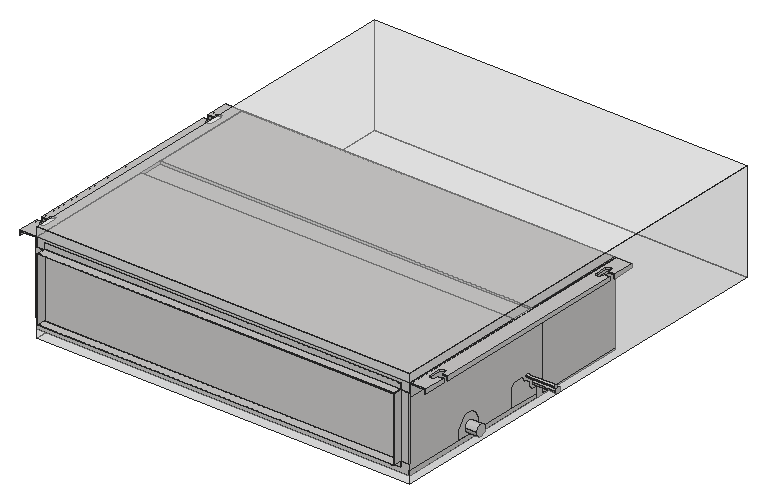
Revit family "outputfile", category 機械設備, Revit 2024
Family settings
  丸型コネクタ寸法 = 半径を使用
  パーツ タイプ = 標準
  OmniClass 番号 = 23.75.10.24.21.27.27
  OmniClass タイトル = Split System Air Conditioning Units
  作業面ベース = いいえ
  常に垂直 = はい
  ロード時にボイドで切り取り = いいえ
  注釈の向きを維持 = いいえ
  共有 = いいえ
  部屋計算ポイント = はい
Parameters (values of type "FDLF18DV2S")
  Description = ""
  書き出し IFC クラス(タイプ) = "IfcUnitaryEquipmentType"
  定義済み IFC タイプ(タイプ) = "AIRCONDITIONINGUNIT"
  Cost = 0
  Type Comments = ""
  Keynote = ""
  Type Image = (empty or 0)
  Assembly Code = ""
  switch_frequency = yes
  ld_powersupply = Depth / 2  # 310 mm
  connector_voltage = Voltage_50Hz  # 220 V
  connector_powerinput = [Power Input (Cooling)]  # 0.000 kW
  connector_phase = Phase_50Hz  # 1
  angle_liquidpipe [instance] = if(Right Connection_refrigerant, 90.00°, 270.00°)  # 90.00°
  angle_gaspipe [instance] = if(Right Connection_refrigerant, 90.00°, 270.00°)  # 90.00°
  angle_drainpipe [instance] = if(Right Connection_refrigerant, 90.00°, 270.00°)  # 90.00°
  URL = ""
  Right Connection_refrigerant [instance] = yes
  製造元 = "Daikin"
  モデル = "FDLF18DV2S"
  r_Liquid Pipe Size = Liquid Pipe Size / 2  # 3.2 mm
  r_Gas Pipe Size = Gas Pipe Size / 2  # 6.35 mm
  r_Drain Pipe Size = Drain Pipe Size / 2  # 12.5 mm
  lw_powersupply = 50 mm  # constant formula
  lw_ductflange2 = 803 mm
  lw_Width = 860 mm
  lh_suctionflange [instance] = 100 mm  # constant formula
  ld_suctionflange [instance] = if(Rear Connection_Return Air, 190.25 mm, 100.25 mm)  # 190.25 mm
  angle_vertical_RA [instance] = if(Rear Connection_Return Air, 90.00°, 0.00°)  # 90.00°
  angle horizontal_RA [instance] = if(Rear Connection_Return Air, 180.00°, 270.00°)  # 180.00°
  Voltage_comment_50Hz = "220 - 240"
  Voltage_50Hz = 220 V
  Supply Air Direction [instance] = yes
  Sound Power Level_H speed (dB) = 0
  Rear Connection_Return Air [instance] = not(Bottom Connection_Return Air)  # yes
  RA_length [instance] = if(Rear Connection_Return Air, 190.25 mm, 100 mm)  # 190.25 mm
  Phase_50Hz = 1
  Minimum External Static Pressure = 15.00 Pa
  Minimum Circuit Amps_50Hz = 0.0 A
  Maximum Fuse Amps_50Hz = 0.0 A
  Maximum External Static Pressure = 38.00 Pa
  Material_Casing = DAIKIN_GalvanizedSteel_Casing_indoorunit
  lw_liquidpipe = 521 mm
  lw_gaspipe = 508 mm
  lw_mountinghole = 940 mm
  lw_drainpipe = 480 mm
  lh_powersupply = 150 mm  # constant formula
  lh_liquidpipe = 138 mm  # constant formula
  lh_gaspipe = 160 mm  # constant formula
  lh_mountinghole = Height  # 200 mm
  lh_drainpipe = 170 mm  # constant formula
  lh_antena = 1 mm  # constant formula
  ld_liquidpipe = 353 mm  # constant formula
  ld_gaspipe = 375 mm  # constant formula
  ld_mountinghole = 500 mm  # constant formula
  ld_drainpipe = 178 mm  # constant formula
  ld_controlbox = 626 mm  # constant formula
  h*** = 0 mm  # constant formula
  d_dischargeflange = 21.2 mm  # constant formula
  Width = 900 mm
  Version = "ver.1.0"
  Unit Type = "L.S.P. Duct for Living Room"
  Unit Mass Weight = 28.00 kg
  Unit Designation [instance] = ""
  Uniclass2015Version = "Products v1.30"
  Uniclass2015Title = "Split coil room air conditioning units"
  Uniclass2015Code = "Pr_70_65_03_86"
  Total Cooling Capacity [instance] = 0.000 kW
  Sound Pressure Level_M speed (dBA) = 33
  Sound Pressure Level_L speed (dBA) = 30
  Sound Pressure Level_H speed (dBA) = 37
  Series = "SkyAir_Fan Coil Unit"
  Sensible Cooling Capacity [instance] = 0.000 kW
  SA Duct Size Width = 860 mm
  SA Duct Size Height = 153 mm
  Refrigerant Type = "R32"
  RA Duct Size Width = 761 mm
  RA Duct Size Height = 160 mm
  Power Input (Cooling) = 0.000 kW
  Option Accessory 3 [instance] = ""
  Option Accessory 2 [instance] = ""
  Option Accessory 1 [instance] = ""
  Nominal Cooling Capacity = 5.300 kW
  Minimum Airflow = 720.00 m³/h
  Median Airflow = 840.00 m³/h
  Maximum Airflow = 960.00 m³/h
  Load Classification = HVAC
  Liquid Pipe Size = 6.4 mm
  Link_Nested Family [instance] = ""
  Left Connection_refrigerant [instance] = not(Right Connection_refrigerant)  # no
  IfcVersion = ""
  IfcExportType = "AIRCONDITIONINGUNIT"
  IfcExportAs = "IfcUnitaryEquipmentType"
  Height = 200 mm
  Heat Exchanger Type = "Cross Fin Coil"
  Gas Pipe Size = 12.7 mm
  Frequency_50Hz = 50 Hz
  Fan Type = "Sirocco Fan"
  Fan Drive = "Direct Drive"
  FCU Tag No. [instance] = ""
  Drain Pipe Size = 25.0 mm
  Design Supply Airflow [instance] = 0.00 m³/h
  Design Return Airflow [instance] = 0.00 m³/h
  Design External Static Pressure [instance] = 0.00 Pa
  Depth = 620 mm
  既定の高さ = 0 mm
  Cooling Entering Wet Bulb Temperature [instance] = 0.00 °C
  Cooling Entering Dry Bulb Temperature [instance] = 0.00 °C
  Cooling Ambient Wet Bulb Temperature [instance] = 0.00 °C
  Cooling Ambient Dry Bulb Temperature [instance] = 0.00 °C
  Clearance visibility [instance] = yes
  Clearance Top = 20 mm
  Clearance Right = 0 mm
  Clearance Rear = 400 mm
  Clearance Left = 0 mm
  Clearance Front = 0 mm
  Clearance Bottom = 20 mm
  Bottom Connection_Return Air [instance] = no
Reference planes
  plane 1 "Center (Front/Back)": y = 0
  plane 2: z = 0
  plane 3 "Center (Left/Right)": x = 0
  plane 4 "Back": y = 310
  plane 5 "Front": y = -310
  plane 6 "Left": x = -450
  plane 7 "Right": x = 450
  plane 8 "Top": z = 0
  plane 9 "Bottom": z = -200
  plane 10: x = -470
  plane 11: x = 470
  plane 12: y = 250
  plane 13: z = 0
  plane 14 "Clearance Left": x = -450
  plane 15 "Clearance Right": x = 450
  plane 16 "Clearance Rear": y = 710
  plane 17 "Clearance Front": y = -310
  plane 18 "Clearance Top": z = 20
  plane 19 "Clearance Bottom": z = -220
  plane 20: y = -250
  plane 21: z = -21
  plane 22: z = -97.5
  plane 23: x = -48.5
  plane 24: y = 119.75
  plane 25: z = -100
  plane 26: y = 65
  plane 27: z = -160
  plane 28: y = 43
  plane 29: z = -138
  plane 30: y = -132
  plane 31: z = -170
  plane 32: x = 508
  plane 33: x = 521
  plane 34: x = 480
  plane 35: x = 400
  plane 36: z = -150
  plane 37: x = -480
  plane 38: x = -521
  plane 39: x = -508
Forms (mm)
  Extrusion 1, solid, material "DAIKIN_GalvanizedSteel_Casing_indoorunit" <- "Material_Casing"
    sketch origin (0, 0, 0) x (1, 0, 0) y (0, 1, 0)
      loop
        line (-450, -310) -> (450, -310) -> (450, 310) -> (-450, 310) -> (-450, -310)
    from -200 to 0
  Extrusion 2, void
    sketch origin (0, 0, 1) x (1, 0, 0) y (0, 1, 0)
      loop
        line (-450, 61.5) -> (-450, 3.5) -> (450, 3.5) -> (450, 61.5) -> (-450, 61.5)
    from -1 to -7
  Extrusion 3, solid, material "DAIKIN_GalvanizedSteel_Casing_indoorunit" <- "Material_Casing", visible <- "Bottom Connection_Return Air"
    sketch origin (0, 0, 0) x (1, 0, 0) y (0, 0, 1)
      loop
        line (352, -199.25) -> (352, -0.75) -> (-449, -0.75) -> (-449, -199.25) -> (352, -199.25)
    from -310 to -309
  Extrusion 4, solid, material "DAIKIN_GalvanizedSteel_Casing_indoorunit" <- "Material_Casing", visible <- "Rear Connection_Return Air"
    sketch origin (0, 0, 0) x (1, 0, 0) y (0, 1, 0)
      loop
        line (-449, 309) -> (-449, 110.5) -> (352, 110.5) -> (352, 309) -> (-449, 309)
    from -200 to -199
  Extrusion 5, solid, material "DAIKIN_GalvanizedSteel_Casing_indoorunit" <- "Material_Casing", visible <- "Right Connection_refrigerant"
    sketch origin (450, 0, 0) x (0, 1, 0) y (0, 0, 1)
      loop
        circle (65, -160) r 6.35
    from 0 to 58
  Extrusion 6, solid, material "DAIKIN_GalvanizedSteel_Casing_indoorunit" <- "Material_Casing", visible <- "Right Connection_refrigerant"
    sketch origin (450, 0, 0) x (0, 1, 0) y (0, 0, 1)
      loop
        circle (43, -138) r 3.2
    from 0 to 71
  Extrusion 7, solid, material "DAIKIN_GalvanizedSteel_Casing_indoorunit" <- "Material_Casing", visible <- "Right Connection_refrigerant"
    sketch origin (450, 0, 0) x (0, 1, 0) y (0, 0, 1)
      loop
        line (-310, -200) -> (70, -200) -> (70, -190) -> (-310, -190) -> (-310, -200)
    from 0 to -1
  Extrusion 8, solid, material "DAIKIN_GalvanizedSteel_Casing_indoorunit" <- "Material_Casing", visible <- "Right Connection_refrigerant"
    sketch origin (450, 0, 0) x (0, 1, 0) y (0, 0, 1)
      loop
        arc (96, -27.5) -> (93.879, -28.379) -> (93, -30.5) r 3
        line (93, -30.5) -> (93, -194.5)
        arc (93, -194.5) -> (93.879, -196.621) -> (96, -197.5) r 3
        line (96, -197.5) -> (310, -197.5) -> (310, -27.5) -> (96, -27.5)
    from 0 to -1
  Extrusion 9, solid, material "DAIKIN_GalvanizedSteel_Casing_indoorunit" <- "Material_Casing", visible <- "Right Connection_refrigerant"
    sketch origin (450, 0, 0) x (0, 1, 0) y (0, 0, 1)
      loop
        arc (-104, -170) -> (-132, -142) -> (-160, -170) r 28
        line (-160, -170) -> (-160, -190) -> (-104, -190) -> (-104, -170)
    from 0 to -1
  Extrusion 10, solid, material "DAIKIN_GalvanizedSteel_Casing_indoorunit" <- "Material_Casing", visible <- "Right Connection_refrigerant"
    sketch origin (450, 0, 0) x (0, 1, 0) y (0, 0, 1)
      loop
        line (70, -190) -> (70, -174.671)
        arc (70, -174.671) -> (54.678, -171.563) -> (49.857, -156.691) r 15.5
        line (49.857, -156.691) -> (43.472, -150.991)
        arc (43.472, -150.991) -> (34.343, -147.698) -> (30.039, -139) r 13
        line (30.039, -139) -> (2, -139)
        arc (2, -139) -> (-0.121, -139.879) -> (-1, -142) r 3
        line (-1, -142) -> (-1, -190) -> (70, -190)
    from 0 to -1
  Extrusion 11, solid, material "DAIKIN_GalvanizedSteel_Casing_indoorunit" <- "Material_Casing", visible <- "Left Connection_refrigerant"
    sketch origin (-450, 0, 0) x (0, 1, 0) y (0, 0, 1)
      loop
        line (-310, -200) -> (70, -200) -> (70, -190) -> (-310, -190) -> (-310, -200)
    from 0 to -1
  Extrusion 12, solid, material "DAIKIN_GalvanizedSteel_Casing_indoorunit" <- "Material_Casing", visible <- "Left Connection_refrigerant"
    sketch origin (-450, 0, 0) x (0, 1, 0) y (0, 0, 1)
      loop
        arc (96, -27.5) -> (93.879, -28.379) -> (93, -30.5) r 3
        line (93, -30.5) -> (93, -194.5)
        arc (93, -194.5) -> (93.879, -196.621) -> (96, -197.5) r 3
        line (96, -197.5) -> (310, -197.5) -> (310, -27.5) -> (96, -27.5)
    from 0 to -1
  Extrusion 13, solid, material "DAIKIN_GalvanizedSteel_Casing_indoorunit" <- "Material_Casing", visible <- "Left Connection_refrigerant"
    sketch origin (-450, 0, 0) x (0, 1, 0) y (0, 0, 1)
      loop
        arc (-104, -170) -> (-132, -142) -> (-160, -170) r 28
        line (-160, -170) -> (-160, -190) -> (-104, -190) -> (-104, -170)
    from 0 to -1
  Extrusion 14, solid, material "DAIKIN_GalvanizedSteel_Casing_indoorunit" <- "Material_Casing", visible <- "Left Connection_refrigerant"
    sketch origin (-450, 0, 0) x (0, 1, 0) y (0, 0, 1)
      loop
        line (70, -190) -> (70, -174.671)
        arc (70, -174.671) -> (54.678, -171.563) -> (49.857, -156.691) r 15.5
        line (49.857, -156.691) -> (43.472, -150.991)
        arc (43.472, -150.991) -> (34.343, -147.698) -> (30.039, -139) r 13
        line (30.039, -139) -> (2, -139)
        arc (2, -139) -> (-0.121, -139.879) -> (-1, -142) r 3
        line (-1, -142) -> (-1, -190) -> (70, -190)
    from 0 to -1
  Extrusion 15, solid, material "DAIKIN_GalvanizedSteel_Casing_indoorunit" <- "Material_Casing", visible <- "Left Connection_refrigerant"
    sketch origin (-450, 0, 0) x (0, 1, 0) y (0, 0, 1)
      loop
        circle (43, -138) r 3.2
    from -71 to 0
  Extrusion 16, solid, material "DAIKIN_GalvanizedSteel_Casing_indoorunit" <- "Material_Casing", visible <- "Left Connection_refrigerant"
    sketch origin (-450, 0, 0) x (0, 1, 0) y (0, 0, 1)
      loop
        circle (65, -160) r 6.35
    from -58 to 0
  Extrusion 17, solid, material "DAIKIN_GalvanizedSteel_Casing_indoorunit" <- "Material_Casing", visible <- "Left Connection_refrigerant"
    sketch origin (-450, 0, 0) x (0, 1, 0) y (0, 0, 1)
      loop
        circle (-132, -170) r 12.5
    from -30 to 0
  Extrusion 18, solid, material "DAIKIN_GalvanizedSteel_Casing_indoorunit" <- "Material_Casing", visible <- "Right Connection_refrigerant"
    sketch origin (450, 0, 0) x (0, 1, 0) y (0, 0, 1)
      loop
        circle (-132, -170) r 12.5
    from 0 to 30
Cuts and joins
  Extrusion 2 cuts Extrusion 1
Dimensions and locks
  "Height": plane 8 "Top" to plane 9 "Bottom"
  equal spacing: plane 10, plane 3 "Center (Left/Right)", plane 11
  "lw_mountinghole": plane 10 to plane 11
  equal spacing: plane 6 "Left", plane 3 "Center (Left/Right)", plane 7 "Right"
  "Width": plane 6 "Left" to plane 7 "Right"
  "Clearance Right": plane 7 "Right" to plane 15 "Clearance Right"
  "Clearance Left": plane 14 "Clearance Left" to plane 6 "Left"
  "Clearance Rear": plane 16 "Clearance Rear" to plane 4 "Back"
  "Clearance Front": plane 5 "Front" to plane 17 "Clearance Front"
  "Clearance Top": plane 18 "Clearance Top" to plane 8 "Top"
  "Clearance Bottom": plane 9 "Bottom" to plane 19 "Clearance Bottom"
  "Depth": plane 4 "Back" to plane 5 "Front"
  equal spacing: plane 4 "Back", plane 1 "Center (Front/Back)", plane 5 "Front"
  Extrusion 3 sketch curve to Extrusion 3 sketch curve = 198.5 mm
  locked: plane 20 to plane 5 "Front" at 60
  "ld_mountinghole": plane 12 to plane 20
  locked: plane 8 "Top" to plane 21 at 21
  locked: plane 23 to plane 3 "Center (Left/Right)" at 48.5
  "ld_suctionflange": plane 4 "Back" to plane 24
  "lh_suctionflange": plane 8 "Top" to plane 25
  "ld_gaspipe": plane 26 to plane 5 "Front"
  "lh_gaspipe": plane 8 "Top" to plane 27
  "ld_liquidpipe": plane 28 to plane 5 "Front"
  "lh_liquidpipe": plane 8 "Top" to plane 29
  "ld_drainpipe": plane 30 to plane 5 "Front"
  "lh_drainpipe": plane 8 "Top" to plane 31
  "lw_powersupply": plane 35 to plane 7 "Right"
  "lh_powersupply": plane 8 "Top" to plane 36
  "lw_gaspipe": plane 3 "Center (Left/Right)" to plane 32
  "lw_liquidpipe": plane 3 "Center (Left/Right)" to plane 33
  "lw_drainpipe": plane 3 "Center (Left/Right)" to plane 34
  "lw_liquidpipe": plane 38 to plane 3 "Center (Left/Right)"
  "lw_gaspipe": plane 39 to plane 3 "Center (Left/Right)"
  "lw_drainpipe": plane 37 to plane 3 "Center (Left/Right)"
  "r_Gas Pipe Size": radius of Extrusion 5 sketch curve
  "r_Liquid Pipe Size": radius of Extrusion 6 sketch curve
  "r_Liquid Pipe Size": radius of Extrusion 15 sketch curve
  "r_Gas Pipe Size": radius of Extrusion 16 sketch curve
  "r_Drain Pipe Size": radius of Extrusion 17 sketch curve
  "r_Drain Pipe Size": radius of Extrusion 18 sketch curve
  aligned and locked: level to plane 2
  aligned and locked: Extrusion 1 to plane 9 "Bottom"
  aligned and locked: plane 8 "Top" to Extrusion 1
  aligned and locked: plane 11 to nested 2
  aligned and locked: plane 10 to nested 3
  aligned and locked: plane 10 to nested 4
  aligned and locked: plane 8 "Top" to Extrusion 2
  aligned and locked: plane 9 "Bottom" to Extrusion 4  (x2)
  aligned and locked: plane 7 "Right" to cut or joined group of Extrusion 1, Extrusion 2  (x2)
  aligned and locked: plane 3 "Center (Left/Right)" to nested 9
  aligned and locked: plane 6 "Left" to nested 7
  aligned and locked: plane 8 "Top" to nested 9
  aligned and locked: plane 11 to nested 1
  aligned and locked: nested 6 to plane 1 "Center (Front/Back)"
  aligned and locked: plane 3 "Center (Left/Right)" to nested 6
  aligned and locked: level to plane 8 "Top"
  aligned and locked: plane 1 "Center (Front/Back)" to nested 9
  aligned and locked: plane 5 "Front" to nested 10
  aligned and locked: Extrusion 1 sketch curve to plane 5 "Front"
  aligned and locked: plane 21 to nested 10
  aligned and locked: nested 5 to plane 5 "Front"
  aligned and locked: plane 3 "Center (Left/Right)" to nested 5
  aligned and locked: plane 22 to nested 5
  aligned and locked: Extrusion 2 sketch curve to plane 6 "Left"
  aligned and locked: plane 7 "Right" to Extrusion 2 sketch curve
  aligned and locked: nested 11 to plane 23
  aligned and locked: nested 11 to plane 24
  aligned and locked: plane 27 to Extrusion 5 sketch curve
  aligned and locked: plane 26 to Extrusion 5 sketch curve
  aligned and locked: plane 28 to Extrusion 6 sketch curve
  aligned and locked: plane 29 to Extrusion 6 sketch curve
  aligned and locked: plane 32 to Extrusion 5
  aligned and locked: plane 33 to Extrusion 6
  aligned and locked: Extrusion 7 sketch curve to plane 9 "Bottom"
  aligned and locked: Extrusion 7 sketch curve to plane 5 "Front"
  aligned and locked: plane 14 "Clearance Left" to nested 12
  aligned and locked: plane 15 "Clearance Right" to nested 12
  aligned and locked: plane 16 "Clearance Rear" to nested 12
  aligned and locked: nested 12 to plane 17 "Clearance Front"
  aligned and locked: nested 12 to plane 18 "Clearance Top"
  aligned and locked: nested 12 to plane 19 "Clearance Bottom"
  aligned and locked: nested 13 to plane 35
  aligned and locked: nested 13 to plane 36
  aligned and locked: plane 4 "Back" to nested 13
  aligned and locked: nested 14 to plane 26
  aligned and locked: plane 3 "Center (Left/Right)" to nested 14
  aligned and locked: nested 14 to plane 27
  aligned and locked: nested 15 to plane 28
  aligned and locked: plane 3 "Center (Left/Right)" to nested 15
  aligned and locked: nested 15 to plane 29
  aligned and locked: nested 16 to plane 30
  aligned and locked: plane 3 "Center (Left/Right)" to nested 16
  aligned and locked: nested 16 to plane 31
  aligned and locked: plane 29 to Extrusion 15 sketch curve
  aligned and locked: plane 28 to Extrusion 15 sketch curve
  aligned and locked: Extrusion 15 to plane 38
  aligned and locked: plane 6 "Left" to Extrusion 15
  aligned and locked: plane 26 to Extrusion 16 sketch curve
  aligned and locked: plane 27 to Extrusion 16 sketch curve
  aligned and locked: Extrusion 16 to plane 39
  aligned and locked: plane 6 "Left" to Extrusion 16
  aligned and locked: plane 30 to Extrusion 17 sketch curve
  aligned and locked: Extrusion 17 to plane 37
  aligned and locked: plane 6 "Left" to Extrusion 17
  aligned and locked: Extrusion 5 to plane 7 "Right"
  aligned and locked: Extrusion 6 to plane 7 "Right"
  aligned and locked: plane 30 to Extrusion 18 sketch curve
  aligned and locked: plane 31 to Extrusion 18 sketch curve
  aligned and locked: plane 34 to Extrusion 18
  aligned and locked: Extrusion 18 to plane 7 "Right"
Automatic sketch dimensions
  Extrusion 1 sketch curve to plane 4 "Back" = 0 mm
  Extrusion 1 sketch curve to plane 6 "Left" = 0 mm
  Extrusion 1 sketch curve to plane 7 "Right" = 0 mm
  Extrusion 2 sketch curve to plane 1 "Center (Front/Back)" = 3.5 mm
  Extrusion 2 sketch curve to plane 26 = 3.5 mm
  plane 9 "Bottom" to Extrusion 3 sketch curve = 0.75 mm
  plane 6 "Left" to Extrusion 3 sketch curve = 1 mm
  Extrusion 3 sketch curve to plane 35 = 48 mm
  Extrusion 4 sketch curve to plane 4 "Back" = 1 mm
  plane 6 "Left" to Extrusion 4 sketch curve = 1 mm
  Extrusion 4 sketch curve to plane 35 = 48 mm
  Extrusion 4 sketch curve to plane 24 = 9.25 mm
  plane 26 to Extrusion 7 sketch curve = 5 mm
  Extrusion 7 sketch curve to Extrusion 7 sketch curve = 10 mm
  Extrusion 8 sketch curve to plane 21 = 9.5 mm
  Extrusion 8 sketch curve to plane 24 = 23.75 mm  (x2)
  plane 9 "Bottom" to Extrusion 8 sketch curve = 5.5 mm
  Extrusion 8 sketch curve to Extrusion 8 sketch curve = 3 mm
  Extrusion 9 sketch curve to plane 31 = 0 mm
  Extrusion 9 sketch curve to plane 30 = 0 mm
  plane 9 "Bottom" to Extrusion 9 sketch curve = 10 mm
  Extrusion 9 sketch curve to plane 30 = 28 mm
  Extrusion 10 sketch curve to plane 28 = 0 mm
  Extrusion 10 sketch curve to plane 26 = 0 mm
  Extrusion 10 sketch curve to plane 27 = 0 mm
  Extrusion 10 sketch curve to plane 29 = 0 mm
  Extrusion 10 sketch curve to plane 29 = 1 mm
  Extrusion 10 sketch curve to plane 28 = 12.961 mm
  Extrusion 10 sketch curve to plane 1 "Center (Front/Back)" = 2 mm
  plane 1 "Center (Front/Back)" to Extrusion 10 sketch curve = 1 mm
  plane 28 to Extrusion 10 sketch curve = 0.472 mm
  plane 27 to Extrusion 10 sketch curve = 3.309 mm
  plane 28 to Extrusion 10 sketch curve = 6.857 mm
  plane 26 to Extrusion 10 sketch curve = 5 mm
  plane 9 "Bottom" to Extrusion 10 sketch curve = 10 mm
  Extrusion 8 sketch curve to plane 4 "Back" = 0 mm
  Extrusion 17 sketch curve to plane 31 = 0 mm
  Extrusion 12 sketch curve to plane 4 "Back" = 0 mm
  plane 9 "Bottom" to Extrusion 12 sketch curve = 5.5 mm
  Extrusion 12 sketch curve to plane 24 = 23.75 mm  (x2)
  Extrusion 12 sketch curve to plane 21 = 6.5 mm
  Extrusion 12 sketch curve to Extrusion 12 sketch curve = 3 mm
  Extrusion 14 sketch curve to plane 28 = 0 mm
  Extrusion 14 sketch curve to plane 26 = 0 mm
  Extrusion 14 sketch curve to plane 27 = 0 mm
  Extrusion 14 sketch curve to plane 29 = 0 mm
  Extrusion 14 sketch curve to plane 29 = 1 mm
  Extrusion 14 sketch curve to plane 28 = 12.961 mm
  Extrusion 14 sketch curve to plane 1 "Center (Front/Back)" = 2 mm
  plane 1 "Center (Front/Back)" to Extrusion 14 sketch curve = 1 mm
  plane 28 to Extrusion 14 sketch curve = 0.472 mm
  plane 27 to Extrusion 14 sketch curve = 3.309 mm
  plane 28 to Extrusion 14 sketch curve = 6.857 mm
  plane 26 to Extrusion 14 sketch curve = 5 mm
  plane 9 "Bottom" to Extrusion 14 sketch curve = 10 mm
  Extrusion 11 sketch curve to plane 5 "Front" = 0 mm
  Extrusion 11 sketch curve to plane 9 "Bottom" = 0 mm
  plane 26 to Extrusion 11 sketch curve = 5 mm
  Extrusion 11 sketch curve to Extrusion 11 sketch curve = 10 mm
  Extrusion 13 sketch curve to plane 31 = 0 mm
  Extrusion 13 sketch curve to plane 30 = 0 mm
  plane 9 "Bottom" to Extrusion 13 sketch curve = 10 mm
  Extrusion 13 sketch curve to plane 30 = 28 mm
Nested families
  nested 1: "daikin_mountinghole" at (470, 250, -200), l_antenna <- "lh_antena", Link_Nested Family <- "Link_Nested Family", h_mountinghole <- "lh_mountinghole", type "daikin_mountinghole"
    with show yes, l_antenna 1 mm, h_mountinghole 200 mm, Link_Nested Family ""
  nested 2: "daikin_mountinghole" at (470, -250, -200), Link_Nested Family <- "Link_Nested Family", l_antenna <- "lh_antena", h_mountinghole <- "lh_mountinghole", type "daikin_mountinghole"
    with show yes, l_antenna 1 mm, h_mountinghole 200 mm, Link_Nested Family ""
  nested 3: "daikin_mountinghole" at (-470, -250, -200), l_antenna <- "lh_antena", Link_Nested Family <- "Link_Nested Family", h_mountinghole <- "lh_mountinghole", type "daikin_mountinghole"
    with show yes, l_antenna 1 mm, h_mountinghole 200 mm, Link_Nested Family ""
  nested 4: "daikin_mountinghole" at (-470, 250, -200), l_antenna <- "lh_antena", Link_Nested Family <- "Link_Nested Family", h_mountinghole <- "lh_mountinghole", type "daikin_mountinghole"
    with show yes, l_antenna 1 mm, h_mountinghole 200 mm, Link_Nested Family ""
  nested 5: "daikin_connector_rotate2" at (0, -310, -97.5), length <- "d_dischargeflange", type "daikin_connector_rotate2"
    with radius 10 mm, length 21.2 mm, angle_vertical 90.00°, show_face no
  nested 6: "daikin_△_symbolicline" at (-75, -129.904, 200) x (-0.5, 0.866, 0) z (0, 0, 1), built-in parameter 1001364 <- "Height", visible <- "Supply Air Direction", type "daikin_△_symbolicline"
    with length 300 mm
  nested 7: "daikin_ductflange_FDLF-DV2S_1" at (-48.5, 310, -100), visible <- "Rear Connection_Return Air", material <- "Material_Casing", width <- "lw_ductflange2", type "daikin_ductflange_FDLF-DV2S_1"
    with width 803 mm, material DAIKIN_GalvanizedSteel_Casing_indoorunit, height 180 mm, depth 21.2 mm
  nested 8: "daikin_ductflange_FDLF-DV2S_1" at (-48.5, 209.75, -200) x (1, 0, 0) z (0, 1, 0), visible <- "Bottom Connection_Return Air", material <- "Material_Casing", width <- "lw_ductflange2", type "daikin_ductflange_FDLF-DV2S_1"
    with width 803 mm, material DAIKIN_GalvanizedSteel_Casing_indoorunit, height 180 mm, depth 21.2 mm
  nested 9: "daikin_hangerfixture_FDLF-DV2S" at (0, 0, 0), type "daikin_hangerfixture_FDLF-DV2S"
  nested 10: "daikin_ductflange_FDLF-DV2S" at (0, 3.5, -364.201), width <- "lw_Width", material <- "Material_Casing", type "daikin_ductflange_FDLF-DV2S"
    with width 860 mm, material DAIKIN_GalvanizedSteel_Casing_indoorunit, height 155 mm, depth 21.2 mm
  nested 11: "daikin_connector_rotate3" at (-48.5, 119.75, -100), length <- "RA_length", angle_vertical <- "angle_vertical_RA", angle_horizontal <- "angle horizontal_RA", type "daikin_connector_rotate3"
    with show no, radius 10 mm, length 190.25 mm, angle_vertical 90.00°, angle_horizontal 180.00°
  nested 12: "daikin_clearancespace" at (0, 200, -99.881), visible <- "Clearance visibility", Link_Nested Family <- "Link_Nested Family", show <- "Clearance visibility", type "daikin_clearancespace"
    with width 900 mm, show yes, height 240 mm, depth 1020 mm, Link_Nested Family ""
  nested 13: "daikin_connector_rotate2" at (400, 0, -150) x (-1, 0, 0) z (0, 0, 1), length <- "ld_powersupply", type "daikin_connector_rotate2"
    with radius 10 mm, length 310 mm, angle_vertical 90.00°, show_face no
  nested 14: "daikin_connector_rotate3" at (0, 65, -160), angle_vertical <- "angle_gaspipe", radius <- "r_Gas Pipe Size", length <- "lw_gaspipe", type "daikin_connector_rotate3"
    with show no, radius 6.35 mm, length 508 mm, angle_vertical 90.00°, angle_horizontal 90.00°
  nested 15: "daikin_connector_rotate3" at (0, 43, -138), angle_vertical <- "angle_liquidpipe", length <- "lw_liquidpipe", radius <- "r_Liquid Pipe Size", type "daikin_connector_rotate3"
    with show no, radius 3.2 mm, length 521 mm, angle_vertical 90.00°, angle_horizontal 90.00°
  nested 16: "daikin_connector_rotate3" at (0, -132, -170), angle_vertical <- "angle_drainpipe", length <- "lw_drainpipe", radius <- "r_Drain Pipe Size", type "daikin_connector_rotate3"
    with show no, radius 12.5 mm, length 480 mm, angle_vertical 90.00°, angle_horizontal 90.00°
Connectors
  hvac at (0, -331.2, -97.5), driven by "SA Duct Size Height", driven by "SA Duct Size Width"
    settings: on nested 5, index 1, duct flow 0.00 m³/h, flow factor 0, pres drop 0.00 Pa, loss coef 0, conn angle 0.00°, conn width 860.0 mm, conn height 153.0 mm, conn diameter 609.6 mm, duct sys type 1, conn prof type 1, flow config 0, flow direction 2, loss method 4, conn ref index -1, conn util no, is conn primary yes, conn desc "SA Duct"
  hvac at (-48.5, 310, -100), driven by "RA Duct Size Height", driven by "RA Duct Size Width"
    settings: on nested 11, index 2, duct flow 0.00 m³/h, flow factor 0, pres drop 0.00 Pa, loss coef 0, conn angle 0.00°, conn width 761.0 mm, conn height 160.0 mm, conn diameter 609.6 mm, duct sys type 2, conn prof type 1, flow config 0, flow direction 1, loss method 4, conn ref index -1, conn util no, is conn primary no, conn desc "RA Duct"
  electrical at (400, 310, -150), driven by "Load Classification", driven by "connector_powerinput", driven by "connector_phase", driven by "connector_voltage"
    settings: on nested 13, index 6, voltage 220 V, apparent load 0 VA, apparent load phase1 0 VA, apparent load phase2 0 VA, apparent load phase3 0 VA, power factor 1, load classification "HVAC", number of poles 1, system type 30, power factor state 1, is connector primary yes, connector utility no, sub classification motor no, connector description "Power Supply"
  piping at (508, 65, -160), diameter 12.7, driven by "r_Gas Pipe Size"
    settings: on nested 14, index 7, connector inside diameter 609.6 mm, connector length 0 mm, flow factor 0, pipe flow 0.00 m³/h, pressure drop 0.0 Pa, fitting loss kfactor 0, connector angle 0.00°, fixture units 0, engagement length 0 mm, angle of deflection 0.00°, flow configuration 1, flow direction 2, fitting loss method 0, system type 29, joint type 0, gender type 0, connector reference index -1, connector utility 0, adjustable connector no, is connector primary yes, connector description "Refrigerant Gas Piping"
  piping at (521, 43, -138), diameter 6.4, driven by "r_Liquid Pipe Size"
    settings: on nested 15, index 8, connector inside diameter 609.6 mm, connector length 0 mm, flow factor 0, pipe flow 0.00 m³/h, pressure drop 0.0 Pa, fitting loss kfactor 0, connector angle 0.00°, fixture units 0, engagement length 0 mm, angle of deflection 0.00°, flow configuration 1, flow direction 1, fitting loss method 0, system type 29, joint type 0, gender type 0, connector reference index -1, connector utility 0, adjustable connector no, is connector primary no, connector description "Refrigerant Liquid Piping"
  piping at (480, -132, -170), diameter 25, driven by "r_Drain Pipe Size"
    settings: on nested 16, index 9, connector inside diameter 609.6 mm, connector length 0 mm, flow factor 0, pipe flow 0.00 m³/h, pressure drop 0.0 Pa, fitting loss kfactor 0, connector angle 0.00°, fixture units 0, engagement length 0 mm, angle of deflection 0.00°, flow configuration 1, flow direction 2, fitting loss method 4, system type 16, joint type 0, gender type 0, connector reference index -1, connector utility 0, adjustable connector no, is connector primary no, connector description "Condensate Drain Piping"
Definition of nested family "daikin_ductflange_FDLF-DV2S_1"
  Parameters (values of type "daikin_ductflange_FDLF-DV2S_1")
    width [instance] = 620 mm
    material [instance] = none
    height [instance] = 180 mm
    depth [instance] = 21.2 mm
    Default Elevation = 0 mm
  Reference planes
    plane 1 "Center (Front/Back)": y = 0
    plane 2: z = 0
    plane 3 "Center (Left/Right)": x = 0
    plane 4: x = -310
    plane 5: x = 310
    plane 6: z = 90
    plane 7: z = -90
    plane 8: z = 100.25
    plane 9: z = -100.25
    plane 10: x = -309
    plane 11: x = 309
  Forms (mm)
    Extrusion 1, solid, material <- "material"
      sketch origin (0, 0, 0) x (1, 0, 0) y (0, 0, 1)
        loop
          line (-289, 80) -> (-289, -80) -> (289, -80) -> (289, 80) -> (-289, 80)
        loop
          line (-309, -99.25) -> (309, -99.25) -> (309, 99.25) -> (-309, 99.25) -> (-309, -99.25)
      from 0 to 1
  Dimensions and locks
    equal spacing: plane 5, plane 3 "Center (Left/Right)", plane 4, locked at 310 each
    "width": plane 5 to plane 4
    plane 10 to plane 4 = 1 mm
    locked: plane 5 to plane 11 at 1
    locked: Extrusion 1 sketch curve to Extrusion 1 sketch curve at 20  (x2)
    plane 8 to Extrusion 1 sketch curve = 1 mm
    locked: Extrusion 1 sketch curve to plane 9 at 1
    aligned and locked: level to plane 2
  Automatic sketch dimensions
    plane 4 to Extrusion 1 sketch curve = 1 mm
    Extrusion 1 sketch curve to plane 5 = 1 mm
    Extrusion 1 sketch curve to plane 6 = 10 mm
    plane 7 to Extrusion 1 sketch curve = 10 mm
Definition of nested family "daikin_hangerfixture_FDLF-DV2S"
  Parameters (values of type "daikin_hangerfixture_FDLF-DV1")
    width = 900 mm
    material = none
    height = 30 mm
    depth = 620 mm
    Default Elevation = 0 mm
  Reference planes
    plane 1 "Center (Front/Back)": y = 0
    plane 2: z = 0
    plane 3 "Center (Left/Right)": x = 0
    plane 4: x = 450
    plane 5: y = 310
    plane 6: y = -310
    plane 7: x = -450
    plane 8: z = -30
  Forms (mm)
    Extrusion 1, solid, material <- "material"
      sketch origin (0, 0, 0) x (1, 0, 0) y (0, 0, 1)
        loop
          line (450, 0) -> (450, -30) -> (452.3, -30) -> (452.3, -2.3) -> (487.7, -2.3) -> (487.7, -10) -> (490, -10) -> (490, 0) -> (450, 0)
      from -310 to 310
    Extrusion 2, void
      sketch origin (0, 0, 0) x (0, 1, 0) y (0, 0, 1)
        loop
          line (310, -30) -> (310, -17.979) -> (87.935, -17.979) -> (75.914, -30) -> (310, -30)
      from -786.78 to 600.701
    Extrusion 3, void
      sketch origin (0, 0, 0) x (1, 0, 0) y (0, 1, 0)
        loop
          line (490, -244.5) -> (477, -244.5) -> (477, -238)
          arc (477, -238) -> (470, -231) -> (463, -238) r 7
          line (463, -238) -> (463, -264)
          arc (463, -264) -> (470, -271) -> (477, -264) r 7
          line (477, -264) -> (477, -257.5) -> (490, -257.5) -> (490, -244.5)
        loop
          line (490, 244.5) -> (490, 257.5) -> (477, 257.5) -> (477, 264)
          arc (477, 264) -> (470, 271) -> (463, 264) r 7
          line (463, 264) -> (463, 238)
          arc (463, 238) -> (470, 231) -> (477, 238) r 7
          line (477, 238) -> (477, 244.5) -> (490, 244.5)
      from -254.96 to 618
    Extrusion 4, solid, material <- "material"
      sketch origin (0, 0, 0) x (-1, 0, 0) y (0, 0, -1)
        loop
          line (450, 0) -> (490, 0) -> (490, 10) -> (487.7, 10) -> (487.7, 2.3) -> (452.3, 2.3) -> (452.3, 30) -> (450, 30) -> (450, 0)
      from -310 to 310
    Extrusion 5, void
      sketch origin (0, 0, 0) x (-1, 0, 0) y (0, -1, 0)
        loop
          line (490, 244.5) -> (490, 257.5) -> (477, 257.5) -> (477, 264)
          arc (477, 264) -> (470, 271) -> (463, 264) r 7
          line (463, 264) -> (463, 238)
          arc (463, 238) -> (470, 231) -> (477, 238) r 7
          line (477, 238) -> (477, 244.5) -> (490, 244.5)
        loop
          line (490, -244.5) -> (477, -244.5) -> (477, -238)
          arc (477, -238) -> (470, -231) -> (463, -238) r 7
          line (463, -238) -> (463, -264)
          arc (463, -264) -> (470, -271) -> (477, -264) r 7
          line (477, -264) -> (477, -257.5) -> (490, -257.5) -> (490, -244.5)
      from -254.96 to 618
  Cuts and joins
    Extrusion 2, Extrusion 3, Extrusion 5 cuts Extrusion 1
    Extrusion 2, Extrusion 5 cuts Extrusion 4
  Dimensions and locks
    equal spacing: plane 5, plane 1 "Center (Front/Back)", plane 6
    "depth": plane 5 to plane 6
    plane 6 to plane 1 "Center (Front/Back)" to plane 5 = 310 mm, 310 mm
    equal spacing: plane 4, plane 3 "Center (Left/Right)", plane 7
    "width": plane 4 to plane 7
    "height": level to plane 8
    aligned and locked: level to plane 2
    aligned and locked: plane 5 to Extrusion 1
    aligned and locked: Extrusion 1 to plane 6
    aligned and locked: Extrusion 1 to plane 4
    aligned and locked: plane 5 to cut or joined group of Extrusion 1, Extrusion 2, Extrusion 3, Extrusion 5
    aligned and locked: cut or joined group of Extrusion 1, Extrusion 2, Extrusion 3, Extrusion 5 to plane 6
    aligned and locked: level to cut or joined group of Extrusion 1, Extrusion 2, Extrusion 3, Extrusion 5
    aligned and locked: cut or joined group of Extrusion 1, Extrusion 2, Extrusion 3, Extrusion 5 to plane 8
    aligned and locked: plane 5 to cut or joined group of Extrusion 2, Extrusion 4, Extrusion 5
    aligned and locked: cut or joined group of Extrusion 2, Extrusion 4, Extrusion 5 to plane 6
  Automatic sketch dimensions
    Extrusion 1 sketch curve to plane 4 = 0 mm
    Extrusion 1 sketch curve to plane 8 = 0 mm
    Extrusion 1 sketch curve to level = 0 mm
    plane 4 to Extrusion 1 sketch curve = 2.3 mm
    Extrusion 1 sketch curve to level = 2.3 mm
    Extrusion 1 sketch curve to Extrusion 1 sketch curve = 35.4 mm
    Extrusion 1 sketch curve to Extrusion 1 sketch curve = 2.3 mm
    Extrusion 1 sketch curve to Extrusion 1 sketch curve = 7.7 mm
    Extrusion 2 sketch curve to plane 8 = 0 mm
    Extrusion 2 sketch curve to plane 5 = 0 mm
    plane 8 to Extrusion 2 sketch curve = 12.021 mm
    Extrusion 2 sketch curve to plane 1 "Center (Front/Back)" = 87.935 mm
    Extrusion 2 sketch curve to Extrusion 2 sketch curve = 12.021 mm
    plane 4 to Extrusion 3 sketch curve = 13 mm  (x2)
    Extrusion 3 sketch curve to Extrusion 3 sketch curve = 7 mm  (x4)
    Extrusion 3 sketch curve to Extrusion 3 sketch curve = 13 mm  (x4)
    plane 6 to Extrusion 3 sketch curve = 46 mm
    Extrusion 3 sketch curve to Extrusion 3 sketch curve = 6.5 mm  (x4)
    Extrusion 3 sketch curve to plane 5 = 72 mm
    Extrusion 4 sketch curve to plane 7 = 0 mm
    Extrusion 4 sketch curve to plane 8 = 0 mm
    Extrusion 4 sketch curve to level = 0 mm
    Extrusion 4 sketch curve to plane 7 = 2.3 mm
    Extrusion 4 sketch curve to level = 2.3 mm
    Extrusion 4 sketch curve to Extrusion 4 sketch curve = 35.4 mm
    Extrusion 4 sketch curve to Extrusion 4 sketch curve = 2.3 mm
    Extrusion 4 sketch curve to Extrusion 4 sketch curve = 7.7 mm
    Extrusion 5 sketch curve to plane 7 = 13 mm  (x2)
    Extrusion 5 sketch curve to Extrusion 5 sketch curve = 7 mm  (x4)
    Extrusion 5 sketch curve to Extrusion 5 sketch curve = 13 mm  (x4)
    Extrusion 5 sketch curve to plane 5 = 46 mm
    Extrusion 5 sketch curve to Extrusion 5 sketch curve = 6.5 mm  (x4)
    plane 6 to Extrusion 5 sketch curve = 72 mm
Definition of nested family "daikin_ductflange_FDLF-DV2S"
  Parameters (values of type "daikin_ductflange_FXDQ-NDVET")
    width [instance] = 660 mm
    material [instance] = none
    height [instance] = 155 mm
    depth [instance] = 21.2 mm
    Default Elevation = 0 mm
  Reference planes
    plane 1 "Center (Front/Back)": y = 0
    plane 2: z = 189.201
    plane 3 "Center (Left/Right)": x = 0
    plane 4: y = -313.5
    plane 5: x = -330
    plane 6: x = 330
    plane 7: y = -334.7
    plane 8: z = 344.201
    plane 9: z = 266.701
    plane 10: z = 343.201
    plane 11: z = 190.201
  Forms (mm)
    Extrusion 1, solid, material <- "material"
      sketch origin (0, 0, 189.201) x (1, 0, 0) y (0, 1, 0)
        loop
          line (-330, -334.7) -> (-330, -313.5) -> (-350, -313.5) -> (-350, -314.5) -> (-331, -314.5) -> (-331, -334.7) -> (-330, -334.7)
        loop
          line (330, -334.7) -> (331, -334.7) -> (331, -314.5) -> (350, -314.5) -> (350, -313.5) -> (330, -313.5) -> (330, -334.7)
      from 1 to 154
    Extrusion 2, solid, material <- "material"
      sketch origin (0, 0, 0) x (0, 1, 0) y (0, 0, 1)
        loop
          line (-313.5, 343.201) -> (-313.5, 358.201) -> (-314.5, 358.201) -> (-314.5, 344.201) -> (-334.7, 344.201) -> (-334.7, 343.201) -> (-313.5, 343.201)
        loop
          line (-313.5, 190.201) -> (-334.7, 190.201) -> (-334.7, 189.201) -> (-314.5, 189.201) -> (-314.5, 175.201) -> (-313.5, 175.201) -> (-313.5, 190.201)
      from -330 to 330
  Dimensions and locks
    plane 4 to plane 1 "Center (Front/Back)" = 313.5 mm
    "depth": plane 7 to plane 4
    equal spacing: plane 8, plane 9, level
    "height": plane 8 to level
    equal spacing: plane 6, plane 3 "Center (Left/Right)", plane 5
    "width": plane 6 to plane 5
    locked: plane 8 to plane 10 at 1
    locked: plane 11 to level at 1
    locked: Extrusion 1 to Extrusion 2 sketch curve at 1
    locked: Extrusion 2 sketch curve to Extrusion 1 at 1
    plane 10 to plane 11 = 153 mm
    aligned and locked: level to plane 2
    aligned and locked: Extrusion 2 to plane 5
    aligned and locked: Extrusion 2 to plane 11
    aligned and locked: Extrusion 2 to plane 10
    aligned and locked: plane 6 to Extrusion 2
    aligned and locked: plane 5 to Extrusion 2  (x2)
    aligned and locked: plane 5 to Extrusion 1  (x2)
    aligned and locked: Extrusion 1 to plane 6
    aligned and locked: plane 6 to Extrusion 1
    aligned and locked: Extrusion 1 to plane 10
  Automatic sketch dimensions
    Extrusion 2 sketch curve to plane 7 = 0 mm  (x2)
    Extrusion 2 sketch curve to plane 4 = 0 mm  (x2)
    Extrusion 2 sketch curve to plane 11 = 0 mm
    Extrusion 2 sketch curve to plane 10 = 0 mm
    Extrusion 2 sketch curve to plane 4 = 1 mm  (x2)
    Extrusion 2 sketch curve to level = 14 mm
    plane 8 to Extrusion 2 sketch curve = 14 mm
    Extrusion 1 sketch curve to plane 4 = 0 mm  (x2)
    Extrusion 1 sketch curve to plane 7 = 0 mm  (x2)
    Extrusion 1 sketch curve to plane 5 = 0 mm
    Extrusion 1 sketch curve to plane 6 = 0 mm
    Extrusion 1 sketch curve to plane 5 = 1 mm
    Extrusion 1 sketch curve to Extrusion 1 sketch curve = 19 mm  (x2)
    Extrusion 1 sketch curve to Extrusion 1 sketch curve = 1 mm
    Extrusion 1 sketch curve to plane 4 = 1 mm  (x2)
Definition of nested family "daikin_clearancespace"
  Parameters (values of type "daikin_clearancespace")
    Description = "daikin_clearancespace"
    width [instance] = 1823.963 mm
    show [instance] = yes
    material = none
    height [instance] = 1359.762 mm
    depth [instance] = 880 mm
    Default Elevation = 0 mm
    Link_Nested Family [instance] = ""
  Reference planes
    plane 1 "Center (Front/Back)": y = 0
    plane 2 "Center (Elevation)": z = -0.119
    plane 3 "Center (Left/Right)": x = 0
    plane 4: y = 440
    plane 5: y = -440
    plane 6 "Right": x = 911.982
    plane 7 "Left": x = -911.982
    plane 8 "Top": z = 679.762
    plane 9 "Bottom": z = -680
  Forms (mm)
    Extrusion 1, solid, material <- "material", visible <- "show"
      sketch origin (0, 0, 0) x (1, 0, 0) y (0, 1, 0)
        loop
          line (-911.982, 440) -> (-911.982, -440) -> (911.982, -440) -> (911.982, 440) -> (-911.982, 440)
      from -680 to 679.762
  Lines and regions (mm)
    symbolic lines, visible <- "show"
      curve 1: line (911.982, 440, 0) -> (-911.982, 440, 0)
      curve 2: line (-911.982, 440, 0) -> (-911.982, -440, 0)
      curve 3: line (-911.982, -440, 0) -> (911.982, -440, 0)
      curve 4: line (911.982, -440, 0) -> (911.982, 440, 0)
      curve 5: line (911.982, 0, 679.762) -> (-911.982, 0, 679.762)
      curve 6: line (911.982, 0, -680) -> (911.982, 0, 679.762)
      curve 7: line (-911.982, 0, -680) -> (911.982, 0, -680)
      curve 8: line (-911.982, 0, 679.762) -> (-911.982, 0, -680)
      curve 9: line (0, 440, 679.762) -> (0, -440, 679.762)
      curve 10: line (0, -440, 679.762) -> (0, -440, -680)
      curve 11: line (0, 440, -680) -> (0, 440, 679.762)
      curve 12: line (0, -440, -680) -> (0, 440, -680)
  Dimensions and locks
    "width": plane 7 "Left" to plane 6 "Right"
    "depth": plane 4 to plane 5
    "height": plane 8 "Top" to plane 9 "Bottom"
    equal spacing: plane 7 "Left", plane 3 "Center (Left/Right)", plane 6 "Right"
    equal spacing: plane 4, plane 1 "Center (Front/Back)", plane 5
    equal spacing: plane 8 "Top", plane 2 "Center (Elevation)", plane 9 "Bottom"
    aligned and locked: level to plane 2 "Center (Elevation)"
    aligned and locked: Extrusion 1 sketch curve to plane 4
    aligned and locked: plane 7 "Left" to Extrusion 1 sketch curve
    aligned and locked: Extrusion 1 sketch curve to plane 5
    aligned and locked: Extrusion 1 sketch curve to plane 6 "Right"
    aligned and locked: plane 8 "Top" to Extrusion 1
    aligned and locked: curve 1 to Extrusion 1
    aligned and locked: curve 2 to Extrusion 1
    aligned and locked: curve 3 to Extrusion 1
    aligned and locked: curve 4 to Extrusion 1
    aligned and locked: curve 5 to Extrusion 1
    aligned and locked: curve 6 to Extrusion 1
    aligned and locked: curve 7 to Extrusion 1
    aligned and locked: curve 8 to Extrusion 1
    aligned and locked: curve 9 to Extrusion 1
    aligned and locked: curve 10 to Extrusion 1
    aligned and locked: curve 11 to Extrusion 1
    aligned and locked: curve 12 to Extrusion 1
    aligned and locked: Extrusion 1 to plane 9 "Bottom"
Definition of nested family "daikin_mountinghole"
  Parameters (values of type "daikin_mountinghole")
    Default Elevation = 1219.2 mm
    Type Comments = "mountinghole"
    show [instance] = yes
    material = none
    l_centerline = 100 mm
    l_antenna [instance] = 100 mm
    h_mountinghole [instance] = 0 mm
    d_circle = 30 mm
    Link_Nested Family [instance] = ""
  Reference planes
    plane 1 "Center (Front/Back)": y = 0
    plane 2: z = 0
    plane 3 "Center (Left/Right)": x = 0
    plane 4: y = 50
    plane 5: x = -50
    plane 6: x = 50
    plane 7: y = -50
    plane 8 "h_mountinghole": z = 0
    plane 9: z = 100
  Lines and regions (mm)
    model lines, detail levels fine
      curve 1: circle (0, 0, 0) r 15 normal (0, 0, 1)
      curve 2: line (-50, 0, 0) -> (50, 0, 0)
      curve 3: line (0, 50, 0) -> (0, -50, 0)
    symbolic lines, detail levels fine
      curve 4: circle (0, 0, 0) r 15 normal (0, 0, 1)
      curve 5: line (-50, 0, 0) -> (50, 0, 0)
      curve 6: line (0, 50, 0) -> (0, -50, 0)
    model lines
      curve 7: line (0, 0, 100) -> (0, 0, 0)
  Dimensions and locks
    equal spacing: plane 4, plane 1 "Center (Front/Back)", plane 7
    "l_centerline": plane 4 to plane 7
    equal spacing: plane 5, plane 3 "Center (Left/Right)", plane 6
    "l_centerline": plane 5 to plane 6
    "l_antenna": plane 9 to plane 8 "h_mountinghole"
    "h_mountinghole": plane 8 "h_mountinghole" to plane 2
    "d_circle": diameter of curve 1
    "d_circle": diameter of curve 4
    aligned and locked: level to plane 2
    aligned and locked: plane 1 "Center (Front/Back)" to curve 1
    aligned and locked: plane 3 "Center (Left/Right)" to curve 1
    aligned and locked: plane 1 "Center (Front/Back)" to curve 2
    aligned and locked: curve 3 to plane 3 "Center (Left/Right)"
    aligned and locked: plane 6 to curve 2
    aligned and locked: plane 5 to curve 2
    aligned and locked: plane 4 to curve 3
    aligned and locked: plane 7 to curve 3
    aligned and locked: plane 1 "Center (Front/Back)" to curve 4
    aligned and locked: plane 3 "Center (Left/Right)" to curve 4
    aligned and locked: plane 6 to curve 5
    aligned and locked: plane 5 to curve 5
    aligned and locked: plane 1 "Center (Front/Back)" to curve 5
    aligned and locked: plane 4 to curve 6
    aligned and locked: plane 7 to curve 6
    aligned and locked: curve 6 to plane 3 "Center (Left/Right)"
    aligned and locked: curve 7 to plane 3 "Center (Left/Right)"
    aligned and locked: plane 9 to curve 7
    aligned and locked: plane 8 "h_mountinghole" to curve 7
Definition of nested family "daikin_connector_rotate2"
  Parameters (values of type "daikin_connector_rotate2")
    show_face = yes
    radius [instance] = 10 mm
    length [instance] = 600 mm
    d_surface = 10 mm
    angle_vertical [instance] = 90.00°
    Default Elevation = 0 mm
  Reference planes
    plane 1 "Center (Front/Back)": y = 0
    plane 2: z = 0
    plane 3 "Center (Left/Right)": x = 0
  Forms (mm)
    Extrusion 1, solid, visible <- "show_face"
      sketch origin (0, -600, 0) x (1, 0, 0) y (0, 0, 1)
        loop
          circle (0, 0) r 10
      from 0 to -10
  Lines and regions (mm)
    reference lines
      curve 1: line (0, 0, 0) -> (0, -600, 0)
    symbolic lines
      curve 2: circle (0, 0, 0) r 5 normal (0, 0, 1)
    model lines, visible <- "show_face"
      curve 3: line (0, 0, 0) -> (0, -600, 0)
  Dimensions and locks
    "length": curve 1 to curve 1
    "length": curve 3 to curve 3
    "d_surface": Extrusion 1 to Extrusion 1
    "radius": radius of Extrusion 1 sketch curve
    "angle_vertical": angle curve 1 to plane 1 "Center (Front/Back)"
    "angle_vertical": angle curve 3 to plane 1 "Center (Front/Back)"
    aligned and locked: level to plane 2
    aligned and locked: plane 1 "Center (Front/Back)" to curve 1
    aligned and locked: plane 2 to curve 1
    aligned and locked: plane 1 "Center (Front/Back)" to curve 2
    aligned and locked: plane 3 "Center (Left/Right)" to curve 2
    aligned and locked: plane 1 "Center (Front/Back)" to curve 3
    aligned and locked: plane 2 to curve 3
    aligned and locked: Extrusion 1 to Extrusion 1
  Automatic sketch dimensions
    Extrusion 1 sketch curve to level = 0 mm
    Extrusion 1 sketch curve to plane 3 "Center (Left/Right)" = 0 mm
    radius of curve 2 = 5 mm
Definition of nested family "daikin_△_symbolicline"
  Parameters (values of type "daikin_△_symbolicline")
    length [instance] = 500 mm
    Default Elevation = 0 mm
  Reference planes
    plane 1 "Center (Front/Back)": y = 0
    plane 2: z = 0
    plane 3 "Center (Left/Right)": x = 0
  Lines and regions (mm)
    symbolic lines
      curve 1: line (0, -433.013, 0) -> (250, 0, 0)
      curve 2: line (250, 0, 0) -> (-250, 0, 0)
      curve 3: line (-250, 0, 0) -> (0, -433.013, 0)
  Dimensions and locks
    equal spacing: curve 3, plane 3 "Center (Left/Right)", curve 2
    "length": curve 3 to curve 2
    "length": curve 3 to curve 3
    "length": curve 1 to curve 1
    aligned and locked: level to plane 2
    aligned and locked: curve 2 to plane 1 "Center (Front/Back)"
    aligned and locked: plane 3 "Center (Left/Right)" to curve 3
Definition of nested family "daikin_connector_rotate3"
  Parameters (values of type "daikin_connector_rotate3")
    Default Elevation = 1219.2 mm
    show [instance] = yes
    radius [instance] = 10 mm
    length [instance] = 600 mm
    angle_horizontal [instance] = 60.00°
    angle_vertical [instance] = 90.00°
  Reference planes
    plane 1 "Center (Front/Back)": y = 0
    plane 2: z = 0
    plane 3 "Center (Left/Right)": x = 0
  Dimensions and locks
    "angle_horizontal": angle plane 3 "Center (Left/Right)" to nested 1
    aligned and locked: level to plane 2
    aligned and locked: plane 1 "Center (Front/Back)" to nested 1  (x2)
    aligned and locked: plane 3 "Center (Left/Right)" to nested 1
  Nested families
    nested 1: "daikin_connector_rotate2" at (0, 0, 0) x (0.5, 0.866, 0) z (0, 0, 1), angle_vertical <- "angle_vertical", length <- "length", radius <- "radius", type "daikin_connector_rotate2"
      with radius 10 mm, length 600 mm, angle_vertical 90.00°
  Definition of nested family "daikin_connector_rotate2"
    Parameters (values of type "daikin_connector_rotate2")
      show_face = yes
      radius [instance] = 10 mm
      length [instance] = 600 mm
      d_surface = 10 mm
      angle_vertical [instance] = 90.00°
      Default Elevation = 0 mm
    Reference planes
      plane 1 "Center (Front/Back)": y = 0
      plane 2: z = 0
      plane 3 "Center (Left/Right)": x = 0
    Forms (mm)
      Extrusion 1, solid, visible <- "show_face"
        sketch origin (0, -600, 0) x (1, 0, 0) y (0, 0, 1)
          loop
            circle (0, 0) r 10
        from 0 to -10
    Lines and regions (mm)
      reference lines
        curve 1: line (0, 0, 0) -> (0, -600, 0)
      symbolic lines
        curve 2: circle (0, 0, 0) r 5 normal (0, 0, 1)
      model lines, visible <- "show_face"
        curve 3: line (0, 0, 0) -> (0, -600, 0)
    Dimensions and locks
      "length": curve 1 to curve 1
      "length": curve 3 to curve 3
      "d_surface": Extrusion 1 to Extrusion 1
      "radius": radius of Extrusion 1 sketch curve
      "angle_vertical": angle curve 1 to plane 1 "Center (Front/Back)"
      "angle_vertical": angle curve 3 to plane 1 "Center (Front/Back)"
      aligned and locked: level to plane 2
      aligned and locked: plane 1 "Center (Front/Back)" to curve 1
      aligned and locked: plane 2 to curve 1
      aligned and locked: plane 1 "Center (Front/Back)" to curve 2
      aligned and locked: plane 3 "Center (Left/Right)" to curve 2
      aligned and locked: plane 1 "Center (Front/Back)" to curve 3
      aligned and locked: plane 2 to curve 3
      aligned and locked: Extrusion 1 to Extrusion 1
    Automatic sketch dimensions
      Extrusion 1 sketch curve to level = 0 mm
      Extrusion 1 sketch curve to plane 3 "Center (Left/Right)" = 0 mm
      radius of curve 2 = 5 mm
